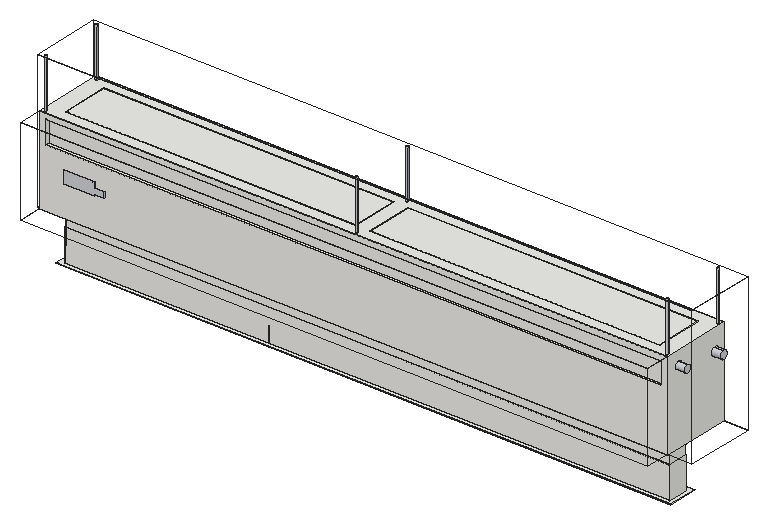
Revit family "AIRTECNICS_AIR CURTAIN_INVISAIR_DX-VRF_(HITACHI)123", category Mechanical Equipment, Revit 2016 (continued)
Types (11, lengths in mm): name | Weight | Refrigerant Pipes_P4 | Refrigerant Pipes_P2 (Stn) | Product Size | Product Reference | Product Heating | Product Description | Power Fans | Noise Level (dB(A)) | Mainfolds | Length | Heating Capacity | Gas Coil Volume | External Ut. Reference | Dn_Metric_Refrig_Liquid | Dn_Metric_Refrig_Gas | DX VRF | DX Kit | DX Coil Rows = 4 | DX Coil Rows = 3 | DX 1:1 | Current Fans | CT | CR | CH | Apparent Load | Airflow | L
  IECG 2000 DX22-HI | 89.00 kg | no | yes | "2000" | "IECG 2000 DX22-HI" | "Direct Expansion 1:1 system" | "Energy saving heat pump air curtain: Up to 70% reduction in costs and CO2 emissions (heating mode).\r\nSpecially designed for applications where the body of the air curtain is to be installed inside a column or bulkhead for architectural reasons. It can be vertically or horizontally mounted.\r\nSelf-supporting casing construction made of galvanized steel plate, finished in structural epoxy-polyester painting white colour RAL9016 as standard. Other colours or stainless steel are available on request. \r\nThe air flow of Invisair follows a straight line from the air inlet grille to the to the discharge. Inlet area inside a bulkhead or column should be designed with suitable grille provided by others.\r\nAnodized aluminium outlet vanes, airfoil shaped, adjustable from 0 to 15º each side.\r\nDouble-inlet centrifugal fans driven by an external rotor motor and low noise level. 5-speed selector. EC models assembled with very low consumption efficiency fans. \r\nIncludes only heating direct expansion coil with installed temperature sensors.\r\nPlug&Play control panel CS-5DX-NE slave DX with 5 speeds selector and 7m telephone cable included.\r\nReady to connect to HITACHI Inverter outdoor heat pump unit (R410A), not included, the customer should purchase it.\r\nRequires EXV-8.0E2 HITACHI DX Interface KIT adapted for air curtain with expansion valve and  PC-ART programmable control, please consult. The client should send the complete DX kit to Airtècnics in order to adapt it and install the temperature sensors.\r\nAir Volume: 4380 m3/h \r\nFans:  0,426 kW  3,72 A 230Vx1 50/60Hz\r\nHeating capacity: 22,40 kW\r\nDimensions: 285x570/620x2055 mm (depth, height, length), including telescopic outlet for easy installation.\r\nNOT SUPPLIED BY AIRTÈCNICS:\r\nEXV-8.0E2 Interface DX kit with direct expansion valve and PC-ART programmable control.\r\nExternal unit:\r\n RAS-8HNCEExternal unit with direct expansion valve Hitachi, triple phase motor 400Vx3 50Hz.\r\nHeating capacity 22,4kW. Heating power: 5,28kW. COP 4,24.\r\nCooling capacity 20kW. Cooling power 5,95kW. EER 3,36.\r\nCooling circuits 1\" - 3/8\".\r\nMaximum length 100m.\r\nMaximum slope 30m." | 0.426 kW | 63 | "1\" & 3/8" | 2055.0 | 22.4 kW | 0.0041 m³ | "Only Triple Phase" | 10 | 25 | no | "EXV-8.0E2" | yes | no | yes | 3.72 A | 8 | 2 | 2 | 852 VA | 4380 m³/h | 2000.0
  IECG 1500 VRF15-HI | 69.00 kg | no | yes | "1500" | "IECG 1500 VRF15-HI" | "Direct Expansion VRF system" | "Energy saving heat pump air curtain: Up to 70% reduction in costs and CO2 emissions (heating mode).\r\nSpecially designed for applications where the body of the air curtain is to be installed inside a column or bulkhead for architectural reasons. It can be vertically or horizontally mounted.\r\nSelf-supporting casing construction made of galvanized steel plate, finished in structural epoxy-polyester painting white colour RAL9016 as standard. Other colours or stainless steel are available on request. \r\nThe air flow of Invisair follows a straight line from the air inlet grille to the to the discharge. Inlet area inside a bulkhead or column should be designed with suitable grille provided by others.\r\nAnodized aluminium outlet vanes, airfoil shaped, adjustable from 0 to 15º each side.\r\nDouble-inlet centrifugal fans driven by an external rotor motor and low noise level. 5-speed selector. EC models assembled with very low consumption efficiency fans. \r\nIncludes only heating direct expansion coil with installed temperature sensors.\r\nPlug&Play control panel CS-5DX-NE slave DX with 5 speeds selector and 7m telephone cable included.\r\nReady to connect to HITACHI VRF outdoor heat pump unit (R410A), not included, the customer should purchase it.\r\nRequires EXV-6.0E2 HITACHI VRF Interface KIT adapted for air curtain with expansion valve and  PC-ART programmable control, please consult. The client should send the complete DX kit to Airtècnics in order to adapt it and install the temperature sensors.\r\nAir Volume: 2920 m3/h \r\nFans:  0,284 kW  2,48 A 230Vx1 50/60Hz\r\nHeating capacity: 15,32 kW\r\nDimensions: 285x570/620x1550 mm (depth, height, length), including telescopic outlet for easy installation.\r\nNOT SUPPLIED BY AIRTÈCNICS:\r\nEXV-6.0E2 Interface VRF kit with direct expansion valve and PC-ART programmable control.\r\nExternal unit VRF." | 0.284 kW | 62 | "5/8 & 3/8" | 1550.0 | 15.32 kW | 0.003 m³ | "Not available" | 10 | 16 | yes | "EXV-6.0E2" | yes | no | no | 2.48 A | 4 | 2 | 4 | 568 VA | 2920 m³/h | 1500.0
  IECG 1500 VRF13-HI | 69.00 kg | no | yes | "1500" | "IECG 1500 VRF13-HI" | "Direct Expansion VRF system" | "Energy saving heat pump air curtain: Up to 70% reduction in costs and CO2 emissions (heating mode).\r\nSpecially designed for applications where the body of the air curtain is to be installed inside a column or bulkhead for architectural reasons. It can be vertically or horizontally mounted.\r\nSelf-supporting casing construction made of galvanized steel plate, finished in structural epoxy-polyester painting white colour RAL9016 as standard. Other colours or stainless steel are available on request. \r\nThe air flow of Invisair follows a straight line from the air inlet grille to the to the discharge. Inlet area inside a bulkhead or column should be designed with suitable grille provided by others.\r\nAnodized aluminium outlet vanes, airfoil shaped, adjustable from 0 to 15º each side.\r\nDouble-inlet centrifugal fans driven by an external rotor motor and low noise level. 5-speed selector. EC models assembled with very low consumption efficiency fans. \r\nIncludes only heating direct expansion coil with installed temperature sensors.\r\nPlug&Play control panel CS-5DX-NE slave DX with 5 speeds selector and 7m telephone cable included.\r\nReady to connect to HITACHI VRF outdoor heat pump unit (R410A), not included, the customer should purchase it.\r\nRequires EXV-6.0E2 HITACHI VRF Interface KIT adapted for air curtain with expansion valve and  PC-ART programmable control, please consult. The client should send the complete DX kit to Airtècnics in order to adapt it and install the temperature sensors.\r\nAir Volume: 2920 m3/h \r\nFans:  0,284 kW  2,48 A 230Vx1 50/60Hz\r\nHeating capacity: 13,11 kW\r\nDimensions: 285x570/620x1550 mm (depth, height, length), including telescopic outlet for easy installation.\r\nNOT SUPPLIED BY AIRTÈCNICS:\r\nEXV-6.0E2 Interface VRF kit with direct expansion valve and PC-ART programmable control.\r\nExternal unit VRF." | 0.284 kW | 62 | "5/8 & 3/8" | 1550.0 | 13.11 kW | 0.0022 m³ | "Not available" | 10 | 16 | yes | "EXV-5.0E2" | no | yes | no | 2.48 A | 4 | 4 | 4 | 568 VA | 2920 m³/h | 1500.0
  IECG 1500 DX15-HI | 69.00 kg | no | yes | "1500" | "IECG 1500 DX15-HI" | "Direct Expansion 1:1 system" | "Energy saving heat pump air curtain: Up to 70% reduction in costs and CO2 emissions (heating mode).\r\nSpecially designed for applications where the body of the air curtain is to be installed inside a column or bulkhead for architectural reasons. It can be vertically or horizontally mounted.\r\nSelf-supporting casing construction made of galvanized steel plate, finished in structural epoxy-polyester painting white colour RAL9016 as standard. Other colours or stainless steel are available on request. \r\nThe air flow of Invisair follows a straight line from the air inlet grille to the to the discharge. Inlet area inside a bulkhead or column should be designed with suitable grille provided by others.\r\nAnodized aluminium outlet vanes, airfoil shaped, adjustable from 0 to 15º each side.\r\nDouble-inlet centrifugal fans driven by an external rotor motor and low noise level. 5-speed selector. EC models assembled with very low consumption efficiency fans. \r\nIncludes only heating direct expansion coil with installed temperature sensors.\r\nPlug&Play control panel CS-5DX-NE slave DX with 5 speeds selector and 7m telephone cable included.\r\nReady to connect to HITACHI Inverter outdoor heat pump unit (R410A), not included, the customer should purchase it.\r\nRequires EXV-6.0E2 HITACHI DX Interface KIT adapted for air curtain with expansion valve and  PC-ART programmable control, please consult. The client should send the complete DX kit to Airtècnics in order to adapt it and install the temperature sensors.\r\nAir Volume: 2920 m3/h \r\nFans:  0,284 kW  2,48 A 230Vx1 50/60Hz\r\nHeating capacity: 15,32 kW\r\nDimensions: 285x570/620x1550 mm (depth, height, length), including telescopic outlet for easy installation.\r\nNOT SUPPLIED BY AIRTÈCNICS:\r\nEXV-6.0E2 Interface DX kit with direct expansion valve and PC-ART programmable control.\r\nExternal unit:\r\nOption 1: RAS-6HVNC1E\r\nExternal unit with direct expansion valve Hitachi, single phase motor 230Vx1 50Hz.\r\nHeating capacity 16kW. Heating power: 4,23kW. COP 3,78.\r\nCooling capacity 14kW. Cooling power 4,25kW. EER 3,29.\r\nCooling circuits 5/8\" - 3/8\".\r\nMaximum length 75m.\r\nMaximum slope 30m.\r\nOption 2: RAS-6HNC1E\r\nExternal unit with direct expansion valve Hitachi, triple phase motor 400Vx3 50Hz.\r\nHeating capacity 16kW. Heating power: 4,23kW. COP 3,78.\r\nCooling capacity 14kW. Cooling power 4,25kW. EER 3,29.\r\nCooling circuits 5/8\" - 3/8\".\r\nMaximum length 75m.\r\nMaximum slope 30m." | 0.284 kW | 62 | "5/8 & 3/8" | 1550.0 | 15.32 kW | 0.003 m³ | "RAS-6HVNC1E" | 10 | 16 | no | "EXV-6.0E2" | yes | no | yes | 2.48 A | 4 | 2 | 2 | 568 VA | 2920 m³/h | 1500.0
  IECG 1500 DX13-HI | 69.00 kg | no | yes | "1500" | "IECG 1500 DX13-HI" | "Direct Expansion 1:1 system" | "Energy saving heat pump air curtain: Up to 70% reduction in costs and CO2 emissions (heating mode).\r\nSpecially designed for applications where the body of the air curtain is to be installed inside a column or bulkhead for architectural reasons. It can be vertically or horizontally mounted.\r\nSelf-supporting casing construction made of galvanized steel plate, finished in structural epoxy-polyester painting white colour RAL9016 as standard. Other colours or stainless steel are available on request. \r\nThe air flow of Invisair follows a straight line from the air inlet grille to the to the discharge. Inlet area inside a bulkhead or column should be designed with suitable grille provided by others.\r\nAnodized aluminium outlet vanes, airfoil shaped, adjustable from 0 to 15º each side.\r\nDouble-inlet centrifugal fans driven by an external rotor motor and low noise level. 5-speed selector. EC models assembled with very low consumption efficiency fans. \r\nIncludes only heating direct expansion coil with installed temperature sensors.\r\nPlug&Play control panel CS-5DX-NE slave DX with 5 speeds selector and 7m telephone cable included.\r\nReady to connect to HITACHI Inverter outdoor heat pump unit (R410A), not included, the customer should purchase it.\r\nRequires EXV-6.0E2 HITACHI DX Interface KIT adapted for air curtain with expansion valve and  PC-ART programmable control, please consult. The client should send the complete DX kit to Airtècnics in order to adapt it and install the temperature sensors.\r\nAir Volume: 2920 m3/h \r\nFans:  0,284 kW  2,48 A 230Vx1 50/60Hz\r\nHeating capacity: 13,11 kW\r\nDimensions: 285x570/620x1550 mm (depth, height, length), including telescopic outlet for easy installation.\r\nNOT SUPPLIED BY AIRTÈCNICS:\r\nEXV-6.0E2 Interface DX kit with direct expansion valve and PC-ART programmable control.\r\nExternal unit:\r\nOption 1: RAS-5HVNC1E\r\nExternal unit with direct expansion valve Hitachi, single phase motor 230Vx1 50Hz.\r\nHeating capacity 14kW. Heating power: 3,39kW. COP 4,12.\r\nCooling capacity 12,5kW. Cooling power 3,53kW. EER 3,54.\r\nCooling circuits 5/8\" - 3/8\".\r\nMaximum length 75m.\r\nMaximum slope 30m.\r\nOption 2: RAS-5HNC1E\r\nExternal unit with direct expansion valve Hitachi, triple phase motor 400Vx3 50Hz.\r\nHeating capacity 14kW. Heating power: 3,39kW. COP 4,12.\r\nCooling capacity 12,5kW. Cooling power 3,53kW. EER 3,54.\r\nCooling circuits 5/8\" - 3/8\".\r\nMaximum length 75m.\r\nMaximum slope 30m." | 0.284 kW | 62 | "5/8 & 3/8" | 1550.0 | 13.11 kW | 0.0022 m³ | "RAS-5HVNC1E" | 10 | 16 | no | "EXV-5.0E2" | no | yes | yes | 2.48 A | 4 | 4 | 2 | 568 VA | 2920 m³/h | 1500.0
